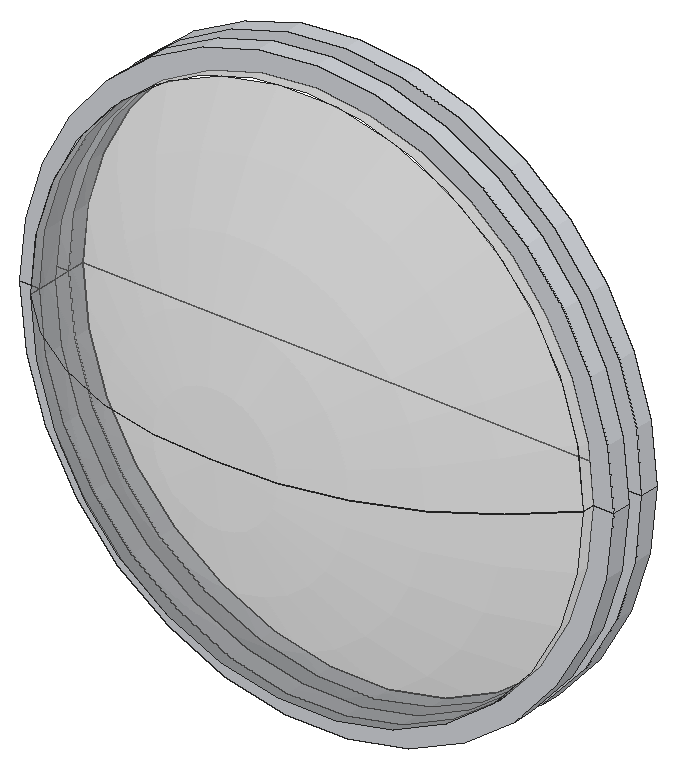
Revit family "2059-16", category Lighting Fixtures, Revit 2016
Family settings
  Part Type = Normal
  Round Connector Dimension = Use Diameter
  OmniClass Number = 23.80.70.00
  OmniClass Title = Lighting
  Work Plane-Based = No
  Always vertical = Yes
  Cut with Voids When Loaded = No
  Light Source = Yes
  Shared = No
  Room Calculation Point = No
Parameters
  Wattage = 12.1178 W
  built-in parameter 1150110 = 1 (stored number, unit not read)
  built-in parameter 1114217 = 1 (stored number, unit not read)
  built-in parameter 1150109 = 1 (stored number, unit not read)
  built-in parameter 1150134 = (empty or 0)
  built-in parameter 1150113 = 1 (stored number, unit not read)
  Lumens = 1800 lm
  built-in parameter 1150115 = 1 (stored number, unit not read)
  built-in parameter 1150105 = 143.24 (stored number, unit not read)
  Light Source Symbol Size = 2' - 0"
  built-in parameter 1150137 = (empty or 0)
  built-in parameter 1150139 = (empty or 0)
  built-in parameter 1150112 = 1 (stored number, unit not read)
  built-in parameter 1150114 = 1 (stored number, unit not read)
  built-in parameter 1150132 = 2
  built-in parameter 1150102 = (empty or 0)
  built-in parameter 1150138 = (empty or 0)
  built-in parameter 1150107 = 3000 (stored number, unit not read)
  built-in parameter 1150106 = 1.4324 (stored number, unit not read)
  built-in parameter 1150104 = 13.8 (stored number, unit not read)
  Dimming Lamp Color Temperature Shift = (empty or 0)
  Color Filter = 16777215
  built-in parameter 1114218 = 1 (stored number, unit not read)
  built-in parameter 1150133 = 10 (stored number, unit not read)
Reference planes (in)
  plane 1 "Light Source Axis (F/B)": y = 0
  plane 2: z = 0
  plane 3 "Light Source Axis (L/R)": x = 0
  plane 4 "Light Source Elevation": z = 54
Forms (in)
  Revolve 1, solid, material "Acrylic-Brownlee"
    sketch origin (0, 0, 0) x (1, 0, 0) y (0, 1, 0)
      loop
        line (0, 0) -> (0, -5)
        arc (0, -5) -> (4.15882, -4.26941) -> (7.57915, -1.79336) r 9.40748
        line (7.57915, -1.79336) -> (7.57915, 0) -> (0, 0)
      axis (0, 0) -> (0, -5)
    angle from 0 to 360
  Revolve 2, solid
    sketch origin (0, 0, 0) x (1, 0, 0) y (0, 1, 0)
      loop
        line (7.58054, 0) -> (7.58054, -0.49658) -> (8.125, -0.49658) -> (8.125, 0) -> (7.58054, 0)
      loop
        line (7.58054, -0.95616) -> (7.58054, -1.47449) -> (8.125, -1.47449) -> (8.125, -0.95616) -> (7.58054, -0.95616)
      axis (0, 0) -> (0, -1.47449)
    angle from 0 to 360
Dimensions and locks (in)
  aligned and locked: plane 4 "Light Source Elevation" to imposter light
  aligned and locked: level to plane 2
